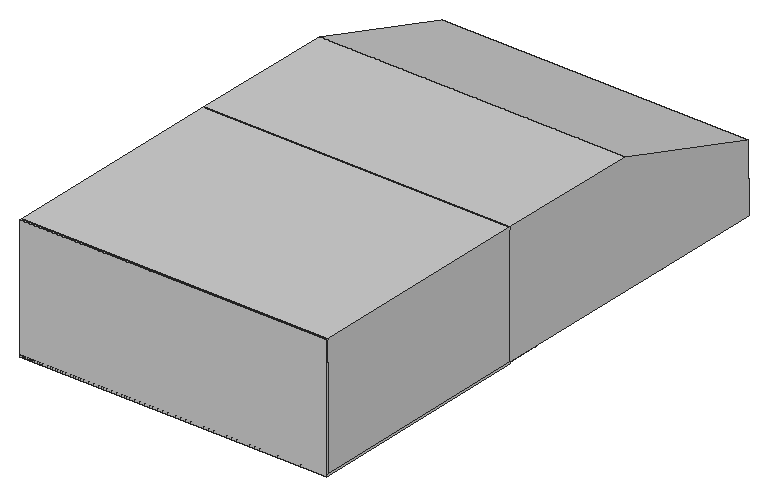
Revit family "STS-452 Контроллер_RV17_LOD400 (07.12.23)", category Электрооборудование, Revit 2017
Family settings
  Конфигурация панели = Два столбца, слева направо
  Размер круглого соединителя = Использовать диаметр
  Тип детали = Щит
  На основе рабочей плоскости = Да
  Всегда вертикально = Нет
  При загрузке вырезать с полостями = Нет
  Общий = Нет
  Точка расчета площади = Нет
Parameters (values of type "STS-452")
  Стандарт интерфейса связи = "10BaseT/100 BaseTХ Ethernet (RJ-45"
  Смещение_УГО_Y [instance] = 0 mm
  Смещение_УГО_X [instance] = 0 mm
  Раздел проекта [instance] = ""
  Раздел Спецификации [instance] = ""
  Потребляемый ток (без учета подключенного оборудования), не более, А, при напряжении 54В = 0.03 A
  Потребляемый ток (без учета подключенного оборудования), не более, А, при напряжении 48В = 0.04 A
  Default Elevation = 1219.2 mm
  Напряжение = "24"
  Максимальный ток линии электропитания извещателей, А = 0.5 A
  Максимальный ток линии электропитания видеокамер, А = 1 A
  Максимальный коммутируемый ток встроенного реле, А = 0.5 A
  Максимальное расстояние между соседними контроллерами, м = 100 mm
  Максимальное количество контроллеров в одной цепи, шт = 8
  Максимально допустимый потребляемый ток подключенного оборудования, А, при напряжении электропитания 48В = 1 A
  Максимально допустимый потребляемый ток подключенного оборудования, А, при напряжении электропитания 24В = 2 A
  Количество шлейфов сигнализации, шт. = 2
  Количество портов RS-485 = 1
  Количество портов Ethernet для организации сети связи = 2
  Количество подключаемых IP-видеокамер для устройств внутри цепи/ для конечных устройств в цепи = "1/2"
  Количество выходов типа «сухой контакт» = 2
  Количество встроенных реле = 2
  Информационная ёмкость = 2
  Информативность = 5
  Защита цепей Ethernet от импульсных перенапряжений = "Имеется"
  Защита от импульсных помех и короткого замыкания выходного электропитания = "Имеется"
  Диапазон рабочих температур, °С = "от –40 до +50"
  Диапазон поддерживаемых скоростей по интерфейсу RS-485, Б/с = "от 2400 до 115200"
  Входное напряжение электропитания постоянного тока, рабочий диапазон, В = "30…54"
  Входное напряжение электропитания постоянного тока, номинальное, В = 48
  Видимость_УГО [instance] = yes
  В_Смещение_УГО_Y [instance] = Смещение_УГО_Y + 2000 mm  # 2000 mm
  В_Смещение_УГО_X [instance] = Смещение_УГО_X + 2000 mm  # 2000 mm
  d_короба = 20 mm
  ADSK_Размер_Длина = 180 mm
  ADSK_Размер_Глубина = 80 mm
  ADSK_Размер_Высота = 310 mm
  ADSK_Примечание = ""
  ADSK_Наименование = "Контроллер STS-452"
  ADSK_Масса = 3
  ADSK_Марка = "СТВФ.426469.019"
  ADSK_Количество = 1
  ADSK_Завод-изготовитель = "ООО «Основа Безопасности»"  # constant formula
  ADSK_Единица измерения = "шт."  # constant formula
  ADSK_URL страницы изделия = "https://stilsoft.ru/products/sts-452"
  ADSK_URL документации изделия = ""
Reference planes
  plane 1 "По центру (Вперед/Назад)": y = 0
  plane 2: z = 0
  plane 3 "По центру (Влево/Вправо)": x = 0
  plane 4: y = 2000
  plane 5: x = -2000
  plane 6: x = 0
  plane 7: y = 0
  plane 8: z = 8
  plane 9: z = 80
  plane 10: y = 310
  plane 11: x = 90
  plane 12: x = -90
  plane 13: y = 305
  plane 14: y = 135
Forms (mm)
  Extrusion 1, solid, material "корпус", detail levels medium+fine
    sketch origin (-80, 0, 0) x (0, 1, 0) y (0, 0, 1)
      loop
        line (305, 8) -> (296.956, 8)
        arc (296.956, 8) -> (296.249, 7.707) -> (295.956, 7) r 1
        line (295.956, 7) -> (295.956, 1.963)
        arc (295.956, 1.963) -> (295.66, 1.248) -> (294.946, 0.952) r 1.01
        line (294.946, 0.952) -> (261.046, 0.952)
        arc (261.046, 0.952) -> (260.3, 1.261) -> (259.992, 2.006) r 1.054
        line (259.992, 2.006) -> (259.992, 7)
        arc (259.992, 7) -> (259.699, 7.707) -> (258.992, 8) r 1
        line (258.992, 8) -> (251, 8) -> (251, 7) -> (257.992, 7)
        arc (257.992, 7) -> (258.699, 6.707) -> (258.992, 6) r 1
        line (258.992, 6) -> (258.992, 1.044)
        arc (258.992, 1.044) -> (259.297, 0.306) -> (260.035, 0) r 1.044
        line (260.035, 0) -> (295.956, 0)
        arc (295.956, 0) -> (296.694, 0.306) -> (297, 1.044) r 1.044
        line (297, 1.044) -> (297, 6.044)
        arc (297, 6.044) -> (297.28, 6.72) -> (297.956, 7) r 0.956
        line (297.956, 7) -> (305, 7) -> (305, 8)
    from 0 to 24
  Extrusion 2, void
    sketch origin (0, 0, 0) x (1, 0, 0) y (0, 1, 0)
      loop
        arc (-71.067, 275.949) -> (-67.836, 263.663) -> (-64.606, 275.949) r 6.568
        line (-64.606, 275.949) -> (-64.606, 281.317)
        arc (-64.606, 281.317) -> (-67.836, 284.548) -> (-71.067, 281.317) r 3.231
        line (-71.067, 281.317) -> (-71.067, 275.949)
    from 0 to 1
  Extrusion 3, solid, material "корпус", detail levels medium+fine
    sketch origin (80, 0, 0) x (0, 1, 0) y (0, 0, -1)
      loop
        line (305, -8) -> (305, -7) -> (297.956, -7)
        arc (297.956, -7) -> (297.28, -6.72) -> (297, -6.044) r 0.956
        line (297, -6.044) -> (297, -1.044)
        arc (297, -1.044) -> (296.694, -0.306) -> (295.956, 0) r 1.044
        line (295.956, 0) -> (260.035, 0)
        arc (260.035, 0) -> (259.297, -0.306) -> (258.992, -1.044) r 1.044
        line (258.992, -1.044) -> (258.992, -6)
        arc (258.992, -6) -> (258.699, -6.707) -> (257.992, -7) r 1
        line (257.992, -7) -> (251, -7) -> (251, -8) -> (258.992, -8)
        arc (258.992, -8) -> (259.699, -7.707) -> (259.992, -7) r 1
        line (259.992, -7) -> (259.992, -2.006)
        arc (259.992, -2.006) -> (260.3, -1.261) -> (261.046, -0.952) r 1.054
        line (261.046, -0.952) -> (294.946, -0.952)
        arc (294.946, -0.952) -> (295.66, -1.248) -> (295.956, -1.963) r 1.01
        line (295.956, -1.963) -> (295.956, -7)
        arc (295.956, -7) -> (296.249, -7.707) -> (296.956, -8) r 1
        line (296.956, -8) -> (305, -8)
    from 0 to 24
  Extrusion 4, void
    sketch origin (0, 0, 0) x (-1, 0, 0) y (0, -1, 0)
      loop
        line (-71.067, -275.949) -> (-71.067, -281.317)
        arc (-71.067, -281.317) -> (-67.836, -284.548) -> (-64.606, -281.317) r 3.231
        line (-64.606, -281.317) -> (-64.606, -275.949)
        arc (-64.606, -275.949) -> (-67.836, -263.663) -> (-71.067, -275.949) r 6.568
    from 0 to 1
  Extrusion 5, solid, material "корпус", detail levels medium+fine
    sketch origin (-80, -130, 0) x (0, 1, 0) y (0, 0, 1)
      loop
        line (305, 8) -> (296.956, 8)
        arc (296.956, 8) -> (296.249, 7.707) -> (295.956, 7) r 1
        line (295.956, 7) -> (295.956, 1.963)
        arc (295.956, 1.963) -> (295.66, 1.248) -> (294.946, 0.952) r 1.01
        line (294.946, 0.952) -> (261.046, 0.952)
        arc (261.046, 0.952) -> (260.3, 1.261) -> (259.992, 2.006) r 1.054
        line (259.992, 2.006) -> (259.992, 7)
        arc (259.992, 7) -> (259.699, 7.707) -> (258.992, 8) r 1
        line (258.992, 8) -> (251, 8) -> (251, 7) -> (257.992, 7)
        arc (257.992, 7) -> (258.699, 6.707) -> (258.992, 6) r 1
        line (258.992, 6) -> (258.992, 1.044)
        arc (258.992, 1.044) -> (259.297, 0.306) -> (260.035, 0) r 1.044
        line (260.035, 0) -> (295.956, 0)
        arc (295.956, 0) -> (296.694, 0.306) -> (297, 1.044) r 1.044
        line (297, 1.044) -> (297, 6.044)
        arc (297, 6.044) -> (297.28, 6.72) -> (297.956, 7) r 0.956
        line (297.956, 7) -> (305, 7) -> (305, 8)
    from 0 to 24
  Extrusion 6, void
    sketch origin (0, -130, 0) x (1, 0, 0) y (0, 1, 0)
      loop
        arc (-71.067, 275.949) -> (-67.836, 263.663) -> (-64.606, 275.949) r 6.568
        line (-64.606, 275.949) -> (-64.606, 281.317)
        arc (-64.606, 281.317) -> (-67.836, 284.548) -> (-71.067, 281.317) r 3.231
        line (-71.067, 281.317) -> (-71.067, 275.949)
    from 0 to 1
  Extrusion 7, solid, material "корпус", detail levels medium+fine
    sketch origin (80, -130, 0) x (0, 1, 0) y (0, 0, -1)
      loop
        line (305, -8) -> (305, -7) -> (297.956, -7)
        arc (297.956, -7) -> (297.28, -6.72) -> (297, -6.044) r 0.956
        line (297, -6.044) -> (297, -1.044)
        arc (297, -1.044) -> (296.694, -0.306) -> (295.956, 0) r 1.044
        line (295.956, 0) -> (260.035, 0)
        arc (260.035, 0) -> (259.297, -0.306) -> (258.992, -1.044) r 1.044
        line (258.992, -1.044) -> (258.992, -6)
        arc (258.992, -6) -> (258.699, -6.707) -> (257.992, -7) r 1
        line (257.992, -7) -> (251, -7) -> (251, -8) -> (258.992, -8)
        arc (258.992, -8) -> (259.699, -7.707) -> (259.992, -7) r 1
        line (259.992, -7) -> (259.992, -2.006)
        arc (259.992, -2.006) -> (260.3, -1.261) -> (261.046, -0.952) r 1.054
        line (261.046, -0.952) -> (294.946, -0.952)
        arc (294.946, -0.952) -> (295.66, -1.248) -> (295.956, -1.963) r 1.01
        line (295.956, -1.963) -> (295.956, -7)
        arc (295.956, -7) -> (296.249, -7.707) -> (296.956, -8) r 1
        line (296.956, -8) -> (305, -8)
    from 0 to 24
  Extrusion 8, void
    sketch origin (0, -130, 0) x (-1, 0, 0) y (0, -1, 0)
      loop
        line (-71.067, -275.949) -> (-71.067, -281.317)
        arc (-71.067, -281.317) -> (-67.836, -284.548) -> (-64.606, -281.317) r 3.231
        line (-64.606, -281.317) -> (-64.606, -275.949)
        arc (-64.606, -275.949) -> (-67.836, -263.663) -> (-71.067, -275.949) r 6.568
    from 0 to 1
  Extrusion 9, solid, material "корпус", detail levels medium+fine
    sketch origin (0, 0, 0) x (1, 0, 0) y (0, 1, 0)
      loop
        line (-90, 135) -> (-90, 0) -> (90, 0) -> (90, 135) -> (-90, 135)
      loop
        line (-48.292, 119.599) -> (-48.292, 14.599) -> (46.708, 14.599) -> (46.708, 119.599) -> (-48.292, 119.599)
    from 8 to 9
  Extrusion 10, solid, material "корпус", detail levels medium+fine
    sketch origin (0, 0, 0) x (1, 0, 0) y (0, 1, 0)
      loop
        line (-90, 0) -> (90, 0) -> (90, 1) -> (-90, 1) -> (-90, 0)
    from 8 to 80
  Extrusion 11, solid, material "корпус", detail levels medium+fine
    sketch origin (0, 0, 0) x (1, 0, 0) y (0, 0, 1)
      loop
        line (-90, 9) -> (-88.532, 9) -> (-88.532, 79) -> (88.498, 79) -> (88.498, 9) -> (90, 9) -> (90, 80) -> (-90, 80) -> (-90, 9)
    from -1 to -135
  Extrusion 12, solid, material "корпус", detail levels medium+fine
    sketch origin (0, 0, 0) x (0, 1, 0) y (0, 0, 1)
      loop
        line (135, 9) -> (310, 9) -> (310, 49) -> (220, 80) -> (135, 80) -> (135, 9)
    from -90 to 90
Cuts and joins
  Extrusion 2, Extrusion 4, Extrusion 6 cuts Extrusion 1
  Extrusion 4, Extrusion 8 cuts Extrusion 3
  Extrusion 6 cuts Extrusion 5
  Extrusion 8 cuts Extrusion 7
Dimensions and locks
  locked: plane 4 to plane 1 "По центру (Вперед/Назад)" at 2000
  locked: plane 5 to plane 3 "По центру (Влево/Вправо)" at 2000
  "В_Смещение_УГО_X": plane 5 to plane 6
  "В_Смещение_УГО_Y": plane 4 to plane 7
  "ADSK_Размер_Глубина": plane 9 to level
  "ADSK_Размер_Высота": plane 10 to plane 1 "По центру (Вперед/Назад)"
  "ADSK_Размер_Длина": plane 12 to plane 11
  aligned and locked: level to plane 2
  aligned and locked: nested 1 to plane 7
  aligned and locked: plane 6 to nested 1
Automatic sketch dimensions
  Extrusion 1 sketch curve to plane 8 = 0 mm  (x2)
  Extrusion 1 sketch curve to level = 0 mm
  Extrusion 1 sketch curve to plane 13 = 0 mm
  plane 13 to Extrusion 1 sketch curve = 7.044 mm
  level to Extrusion 1 sketch curve = 1.044 mm
  Extrusion 1 sketch curve to Extrusion 1 sketch curve = 0.956 mm  (x2)
  Extrusion 1 sketch curve to Extrusion 1 sketch curve = 0.044 mm
  Extrusion 1 sketch curve to Extrusion 1 sketch curve = 0 mm  (x3)
  Extrusion 1 sketch curve to Extrusion 1 sketch curve = 1.01 mm  (x2)
  level to Extrusion 1 sketch curve = 0.952 mm
  Extrusion 1 sketch curve to Extrusion 1 sketch curve = 33.9 mm
  Extrusion 1 sketch curve to plane 8 = 1 mm
  Extrusion 1 sketch curve to Extrusion 1 sketch curve = 1.054 mm
  Extrusion 1 sketch curve to Extrusion 1 sketch curve = 1 mm  (x2)
  Extrusion 1 sketch curve to Extrusion 1 sketch curve = 6.992 mm
  Extrusion 2 sketch curve to Extrusion 2 sketch curve = 3.231 mm  (x2)
  plane 13 to Extrusion 2 sketch curve = 34.769 mm
  Extrusion 2 sketch curve to Extrusion 2 sketch curve = 5.718 mm
  Extrusion 2 sketch curve to Extrusion 2 sketch curve = 5.368 mm
  Extrusion 3 sketch curve to plane 8 = 0 mm  (x2)
  Extrusion 3 sketch curve to level = 0 mm
  Extrusion 3 sketch curve to plane 13 = 0 mm
  plane 13 to Extrusion 3 sketch curve = 7.044 mm
  level to Extrusion 3 sketch curve = 1.044 mm
  Extrusion 3 sketch curve to Extrusion 3 sketch curve = 0.956 mm
  Extrusion 3 sketch curve to Extrusion 3 sketch curve = 0.044 mm
  Extrusion 3 sketch curve to Extrusion 3 sketch curve = 0 mm  (x3)
  Extrusion 3 sketch curve to Extrusion 3 sketch curve = 1.01 mm  (x2)
  level to Extrusion 3 sketch curve = 0.952 mm
  Extrusion 3 sketch curve to Extrusion 3 sketch curve = 33.9 mm
  Extrusion 3 sketch curve to plane 8 = 1 mm  (x2)
  Extrusion 3 sketch curve to Extrusion 3 sketch curve = 1.054 mm
  Extrusion 3 sketch curve to Extrusion 3 sketch curve = 1 mm
  Extrusion 3 sketch curve to Extrusion 3 sketch curve = 6.992 mm
  plane 11 to Extrusion 4 sketch curve = 18.933 mm
  Extrusion 4 sketch curve to Extrusion 4 sketch curve = 3.231 mm  (x2)
  Extrusion 4 sketch curve to plane 13 = 34.769 mm
  Extrusion 4 sketch curve to Extrusion 4 sketch curve = 5.718 mm
  Extrusion 4 sketch curve to Extrusion 4 sketch curve = 5.368 mm
  Extrusion 5 sketch curve to plane 8 = 0 mm  (x2)
  Extrusion 5 sketch curve to level = 0 mm
  Extrusion 5 sketch curve to plane 8 = 1 mm  (x3)
  Extrusion 5 sketch curve to plane 8 = 2 mm
  Extrusion 5 sketch curve to Extrusion 5 sketch curve = 6.992 mm
  Extrusion 5 sketch curve to Extrusion 5 sketch curve = 1 mm  (x3)
  Extrusion 5 sketch curve to Extrusion 5 sketch curve = 0.044 mm  (x2)
  Extrusion 5 sketch curve to Extrusion 5 sketch curve = 1.054 mm
  Extrusion 5 sketch curve to Extrusion 5 sketch curve = 1.01 mm  (x3)
  level to Extrusion 5 sketch curve = 0.952 mm
  Extrusion 5 sketch curve to Extrusion 5 sketch curve = 33.9 mm
  Extrusion 5 sketch curve to Extrusion 5 sketch curve = 7.044 mm
  Extrusion 6 sketch curve to Extrusion 6 sketch curve = 3.231 mm  (x2)
  Extrusion 6 sketch curve to Extrusion 6 sketch curve = 5.718 mm
  Extrusion 6 sketch curve to Extrusion 6 sketch curve = 5.368 mm
  Extrusion 7 sketch curve to plane 8 = 0 mm  (x2)
  Extrusion 7 sketch curve to level = 0 mm
  Extrusion 7 sketch curve to plane 8 = 1 mm  (x3)
  Extrusion 7 sketch curve to plane 8 = 2 mm
  Extrusion 7 sketch curve to Extrusion 7 sketch curve = 6.992 mm
  Extrusion 7 sketch curve to Extrusion 7 sketch curve = 1 mm  (x3)
  Extrusion 7 sketch curve to Extrusion 7 sketch curve = 0.044 mm  (x2)
  Extrusion 7 sketch curve to Extrusion 7 sketch curve = 1.054 mm
  level to Extrusion 7 sketch curve = 0.952 mm
  Extrusion 7 sketch curve to Extrusion 7 sketch curve = 33.9 mm
  Extrusion 7 sketch curve to Extrusion 7 sketch curve = 1.01 mm  (x2)
  Extrusion 7 sketch curve to Extrusion 7 sketch curve = 7.044 mm
  plane 11 to Extrusion 8 sketch curve = 18.933 mm
  Extrusion 8 sketch curve to Extrusion 8 sketch curve = 3.231 mm  (x2)
  Extrusion 8 sketch curve to Extrusion 8 sketch curve = 5.718 mm
  Extrusion 8 sketch curve to Extrusion 8 sketch curve = 5.368 mm
  Extrusion 5 sketch curve to plane 14 = 14 mm
  plane 14 to Extrusion 6 sketch curve = 5.231 mm
  Extrusion 7 sketch curve to plane 14 = 14 mm
  Extrusion 8 sketch curve to plane 14 = 5.231 mm
  plane 1 "По центру (Вперед/Назад)" to Extrusion 9 sketch curve = 0 mm
  Extrusion 9 sketch curve to plane 12 = 0 mm
  Extrusion 9 sketch curve to plane 11 = 0 mm
  Extrusion 9 sketch curve to plane 14 = 0 mm
  Extrusion 9 sketch curve to plane 14 = 15.401 mm
  Extrusion 9 sketch curve to plane 11 = 43.292 mm
  Extrusion 9 sketch curve to plane 1 "По центру (Вперед/Назад)" = 14.599 mm
  Extrusion 10 sketch curve to plane 12 = 0 mm
  Extrusion 10 sketch curve to plane 11 = 0 mm
  plane 1 "По центру (Вперед/Назад)" to Extrusion 10 sketch curve = 0 mm
  Extrusion 10 sketch curve to plane 1 "По центру (Вперед/Назад)" = 1 mm
  Extrusion 2 sketch curve to plane 12 = 18.933 mm
  Extrusion 6 sketch curve to plane 12 = 18.933 mm
  Extrusion 9 sketch curve to plane 12 = 41.708 mm
  plane 12 to Extrusion 11 sketch curve = 0 mm
  Extrusion 11 sketch curve to plane 11 = 0 mm
  Extrusion 11 sketch curve to plane 9 = 0 mm
  Extrusion 11 sketch curve to plane 12 = 1.468 mm
  Extrusion 11 sketch curve to plane 11 = 1.502 mm
  Extrusion 11 sketch curve to plane 9 = 1 mm
  plane 8 to Extrusion 11 sketch curve = 1 mm  (x2)
  Extrusion 12 sketch curve to plane 14 = 0 mm
  Extrusion 12 sketch curve to plane 9 = 0 mm
  Extrusion 12 sketch curve to plane 10 = 0 mm
  plane 8 to Extrusion 12 sketch curve = 1 mm
  plane 13 to Extrusion 12 sketch curve = 85 mm
  Extrusion 12 sketch curve to plane 9 = 31 mm
Nested families
  nested 1: "УГО_Контроллер" at (0, 0, 0), visible <- "Видимость_УГО", type "УГО_Контроллер", detail levels coarse
Connectors
  electrical at (-0.009, 135, 44.25)
    settings: on Extrusion 11, index 1, voltage 0 V, apparent load 0 VA, apparent load phase1 0 VA, apparent load phase2 0 VA, apparent load phase3 0 VA, power factor 1, load classification "Прочее", number of poles 1, system type 14, power factor state 1, is connector primary yes, connector utility no, sub classification motor no, connector description ""
  cabletrayconduit at (-0.009, 135, 44.25), diameter 20, driven by "d_короба"
    settings: on Extrusion 11, index 2, connector width 300 mm, connector height 300 mm, connector angle 0.00°, system type 32, placement type 0, profile type 0, connector reference index -1, is primary connector yes, connector utility param no, connector description ""
Definition of nested family "УГО_Контроллер"
  Reference planes
    plane 1: y = 0
    plane 2: x = 0
  Lines and regions (mm)
    Filled region 1, type "Цветовая область 1"
      outline origin (0, 0, 0) x (1, 0, 0) y (0, 1, 0)
        loop
          line (0, -2.5) -> (0, -5) -> (5, -5) -> (5, -2.5) -> (0, -2.5)
    detail lines
      curve 1: line (5, 0, 0) -> (5, -5, 0)
      curve 2: line (5, -5, 0) -> (-5, -5, 0)
      curve 3: line (-5, -5, 0) -> (-5, 0, 0)
      curve 4: line (-5, 0, 0) -> (5, 0, 0)
      curve 5: line (5, -2.5, 0) -> (0, -2.5, 0)
      curve 6: line (0, -2.5, 0) -> (0, -5, 0)
